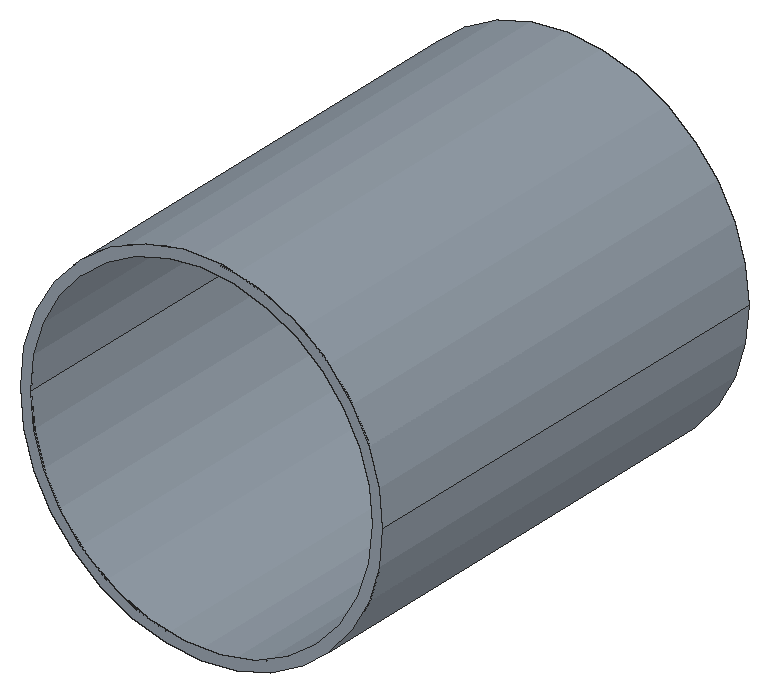
Revit family "PipeAccessory", category 管件, Revit 2018
Family settings
  圆形连接件大小 = 使用直径
  零件类型 = 多个端口
  基于工作平面 = 否
  总是垂直 = 是
  加载时剪切的空心 = 是
  共享 = 否
Parameters (values of type "标准")
  系统缩写 [instance] = ""
  穿管长度 [instance] = 200 mm
  穿管管径 [instance] = 100 mm
  洞口类型 [instance] = ""
  材质 = 银漆钢
  底部标高BL [instance] = 中心标高CL - 套管外径 / 2  # -79.5 mm
  套管长度 [instance] = 穿管长度 + 外伸长度 + 内伸长度  # 200 mm
  套管管径 [instance] = size_lookup([02S404钢管], "DN1", if(穿管管径 < 32 mm, 50 mm, if(穿管管径 < 500 mm, 穿管管径 + 50 mm, 穿管管径 + 100 mm)), 穿管管径)  # 150 mm
  套管外径 [instance] = size_lookup([02S404钢管], "D1", 套管管径 + 2 * 套管壁厚, 穿管管径)  # 159 mm
  套管壁厚 [instance] = size_lookup([02S404钢管], "Delta1", 2 mm + roundup(穿管管径 / 100 mm) * 2 mm, 穿管管径)  # 4.5 mm
  套管内径 [instance] = 套管外径 - 套管壁厚 * 2  # 150 mm
  外伸长度 = 0 mm
  内伸长度 = 0 mm
  built-in parameter 1114242 [instance] = (empty or 0)
  中心标高CL [instance] = 0 mm
  02S404钢管 = "Steel Casing Pipe"
Reference planes
  plane 1 "中心(前/后)": y = 0
  plane 2: z = 0
  plane 3 "中心(左/右)": x = 0
  plane 4: z = 0
  plane 5: y = -100
  plane 6: y = 100
  plane 7: y = -100
  plane 8: y = 100
  plane 9: x = -79.5
  plane 10: x = 79.5
  plane 11: z = 79.5
  plane 12: z = -79.5
Forms (mm)
  Sweep 1, void
    path in 3D
      loop
        line (0, -100, 0) -> (0, 100, 0)
    profile origin (0, 0, 0) x (-1, 0, 0) y (0, 0, 1)
      loop
        circle (0, 0) r 79.5
  Sweep 2, solid, material "银漆钢" <- "材质", detail levels fine
    path in 3D
      loop
        line (0, -100, 0) -> (0, 100, 0)
    profile origin (0, 0, 0) x (-1, 0, 0) y (0, 0, 1)
      loop
        circle (0, 0) r 79.5
      loop
        circle (0, 0) r 75
Lines and regions (mm)
  reference lines
    curve 1: line (0, -100, 0) -> (0, 100, 0)
  sketch lines
    curve 2: line (0, -100, 0) -> (0, 100, 0)
    curve 3: line (0, -100, 0) -> (0, 100, 0)
  model lines, style "套管洞口二维", detail levels coarse+medium
    curve 4: line (-79.5, 100, 0) -> (-79.5, -100, 0)
    curve 5: line (79.5, 100, 0) -> (79.5, -100, 0)
    curve 6: circle (0, 0, 0) r 79.5 normal (0, -1, 0)
    curve 7: line (0, 100, 79.5) -> (0, -100, 79.5)
    curve 8: line (0, 100, -79.5) -> (0, -100, -79.5)
Dimensions and locks
  "内伸长度": plane 5 to plane 7
  equal spacing: plane 6, plane 1 "中心(前/后)", plane 5
  "穿管长度": plane 6 to plane 5
  "外伸长度": plane 8 to plane 6
  equal spacing: plane 9, plane 3 "中心(左/右)", plane 10
  "套管外径": plane 9 to plane 10
  equal spacing: plane 11, level, plane 12
  "套管外径": plane 11 to plane 12
  "套管外径": diameter of Sweep 1 sketch curve
  "套管外径": diameter of Sweep 2 sketch curve
  "套管内径": diameter of Sweep 2 sketch curve
  "套管外径": diameter of curve 6
  aligned and locked: plane 3 "中心(左/右)" to curve 1
  aligned and locked: curve 4 to plane 9
  aligned and locked: plane 8 to curve 4
  aligned and locked: plane 7 to curve 4
  aligned and locked: plane 8 to curve 5
  aligned and locked: curve 5 to plane 10
  aligned and locked: plane 8 to curve 1
  aligned and locked: plane 7 to curve 1
  aligned and locked: curve 7 to plane 11
  aligned and locked: curve 8 to plane 12
  aligned and locked: plane 8 to curve 7
  aligned and locked: plane 8 to curve 8
  aligned and locked: plane 7 to curve 8
  aligned and locked: plane 7 to curve 7
Automatic sketch dimensions
  curve 5 to plane 7 = 0 mm
  curve 6 to level = 0 mm
  curve 6 to plane 3 "中心(左/右)" = 0 mm
  Sweep 1 sketch curve to profile plane = 0 mm  (x2)
  Sweep 2 sketch curve to Sweep 2 sketch curve = 0 mm  (x2)
  Sweep 2 sketch curve to profile plane = 0 mm  (x2)
